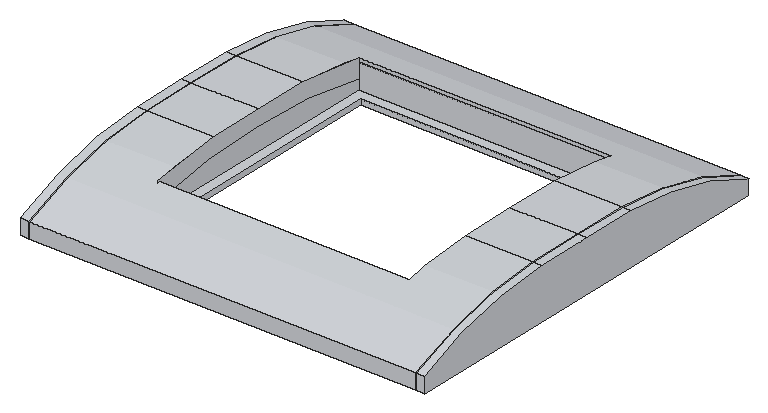
Revit family "Gira_0211763", category Electrical Fixtures, host Face, Revit 2017
Family settings
  Host = Face
  Maintain Annotation Orientation = No
  Round Connector Dimension = Use Diameter
  Part Type = Normal
  Cut with Voids When Loaded = No
  Shared = No
  Room Calculation Point = No
Parameters (values of type "Abdeckrahmen 1f Zwischenr. RW Gira Event Klar Braun")
  Werkstoffgüte = "Thermoplast"
  Werkstoff = "Kunststoff"
  URL = "http://katalog.gira.de/de_DE/datenblatt.html?artikelnr=0211763"
  Transparent = "No"
  Textfeld/Beschriftungsfläche = "No"
  Schutzart (IP) = "IP20"
  Region = "DE"
  Oberfläche = "sonstige"
  Name = "Abdeckrahmen 1f Zwischenr. RW Gira Event Klar Braun"
  Montagerichtung = "horizontal und vertikal"
  Mit Montagerahmen = "No"
  Mit Klappdeckel = "No"
  Manufacturer URL = "https://www.gira.de/"
  Keynote = "Event_Rahmen_1fach"
  HeinzeBIM = "https://bimportal.heinze.de/bim/abdeckrahmen-1f-zwischenr-rw-gira-event-klar-braun/031d05efc35f87a2f556ebff33add017f72beeb0"
  Halogenfrei = "Yes"
  HAN = "0211763"
  Geeignet für Unterputz-Installation = "Yes"
  Geeignet für Unterflurkanaldose = "No"
  Geeignet für Geräteeinbaukanal = "No"
  Geeignet für Einbauinstallation = "No"
  GTIN = "4010337069355"
  Farbe = "braun"
  Default Elevation = 1219.2 mm
  Data sheet (1) = "https://katalog.gira.de/de_DE/download.html?artikelnr=0211763"
  Category = "Abdeckrahmen"
  Befestigungsart = "sonstige"
  Available = "Yes"
  Ausführung der Oberfläche = "glänzend"
  Anzahl der Einheiten vertikal = "1 "
  Anzahl der Einheiten horizontal = "1 "
  Anzahl der Einheiten = "1 "
Reference planes
  plane 1 "Center (Front/Back)": y = 0
  plane 2: z = 0
  plane 3 "Center (Left/Right)": x = 0
Forms (mm)
  Extrusion 1, solid, detail levels fine
    sketch origin (0, 0, 1.55) x (0, 1, 0) y (0, 0, 1)
      loop
        arc (12.445, 9.683) -> (6.223, 9.833) -> (0, 9.85) r 291.636
        arc (0, 9.85) -> (-6.223, 9.833) -> (-12.445, 9.683) r 291.636
        arc (-12.445, 9.683) -> (-29.14, 7.482) -> (-45, 1.823) r 79.728
        line (-45, 1.823) -> (-45, -1.55) -> (-41.777, -1.55) -> (-41.777, -0.55)
        arc (-41.777, -0.55) -> (-21.205, 4.846) -> (0, 6.467) r 118.15
        arc (0, 6.467) -> (21.205, 4.846) -> (41.777, -0.55) r 118.15
        line (41.777, -0.55) -> (41.777, -1.55) -> (45, -1.55) -> (45, 1.823)
        arc (45, 1.823) -> (29.14, 7.482) -> (12.445, 9.683) r 79.728
    from -43 to 43
  Extrusion 2, void, detail levels fine
    sketch origin (0, 0, 0) x (1, 0, 0) y (0, 1, 0)
      loop
        line (-28, -28) -> (28, -28) -> (28, 28) -> (-28, 28) -> (-28, -28)
    from 2.85 to 12
  Extrusion 3, solid, detail levels coarse
    sketch origin (0, 0, 0) x (1, 0, 0) y (0, 1, 0)
      loop
        line (-45, 45) -> (-45, -45) -> (45, -45) -> (45, 45) -> (-45, 45)
    from 0 to 11.4
  Extrusion 4, solid, detail levels medium
    sketch origin (0, 0, 1.55) x (0, 1, 0) y (0, 0, 1)
      loop
        arc (12.445, 9.683) -> (6.223, 9.833) -> (0, 9.85) r 291.636
        arc (0, 9.85) -> (-6.223, 9.833) -> (-12.445, 9.683) r 291.636
        arc (-12.445, 9.683) -> (-29.14, 7.482) -> (-45, 1.823) r 79.728
        line (-45, 1.823) -> (-45, -1.55) -> (45, -1.55) -> (45, 1.823)
        arc (45, 1.823) -> (29.14, 7.482) -> (12.445, 9.683) r 79.728
    from -45 to 45
  Extrusion 5, solid, detail levels fine
    sketch origin (0, 0, 0) x (0, 1, 0) y (0, 0, 1)
      loop
        arc (45, 3.373) -> (29.14, 9.032) -> (12.445, 11.233) r 79.728
        arc (12.445, 11.233) -> (6.223, 11.383) -> (0, 11.4) r 291.636
        arc (0, 11.4) -> (-6.223, 11.383) -> (-12.445, 11.233) r 291.636
        arc (-12.445, 11.233) -> (-29.14, 9.032) -> (-45, 3.373) r 79.728
        line (-45, 3.373) -> (-45, 0) -> (45, 0) -> (45, 3.373)
    from 43 to 45
  Extrusion 6, solid, detail levels fine
    sketch origin (0, 0, 0) x (0, 1, 0) y (0, 0, -1)
      loop
        line (45, -3.373) -> (45, 0) -> (-45, 0) -> (-45, -3.373)
        arc (-45, -3.373) -> (-29.14, -9.032) -> (-12.445, -11.233) r 79.728
        arc (-12.445, -11.233) -> (-6.223, -11.383) -> (0, -11.4) r 291.636
        arc (0, -11.4) -> (6.223, -11.383) -> (12.445, -11.233) r 291.636
        arc (12.445, -11.233) -> (29.14, -9.032) -> (45, -3.373) r 79.728
    from 43 to 45
  Extrusion 7, solid, detail levels fine
    sketch origin (0, 0, 0) x (1, 0, 0) y (0, 1, 0)
      loop
        line (-25.7, 25.7) -> (-25.7, -25.7) -> (25.7, -25.7) -> (25.7, 25.7) -> (-25.7, 25.7)
      loop
        line (-29.495, 27.895) -> (-29.495, -27.895)
        spline (-29.495, -27.895) -> (-29.486, -28.025) -> (-29.461, -28.154) -> (-29.419, -28.278) -> (-29.361, -28.395) -> (-29.288, -28.504) -> (-29.202, -28.602) -> (-29.104, -28.688) -> (-28.995, -28.761) -> (-28.878, -28.819) -> (-28.754, -28.861) -> (-28.625, -28.886) -> (-28.495, -28.895)
        line (-28.495, -28.895) -> (28.495, -28.895)
        spline (28.495, -28.895) -> (28.625, -28.886) -> (28.754, -28.861) -> (28.878, -28.819) -> (28.995, -28.761) -> (29.104, -28.688) -> (29.202, -28.602) -> (29.288, -28.504) -> (29.361, -28.395) -> (29.419, -28.278) -> (29.461, -28.154) -> (29.486, -28.025) -> (29.495, -27.895)
        line (29.495, -27.895) -> (29.495, 27.895)
        spline (29.495, 27.895) -> (29.486, 28.025) -> (29.461, 28.154) -> (29.419, 28.278) -> (29.361, 28.395) -> (29.288, 28.504) -> (29.202, 28.602) -> (29.104, 28.688) -> (28.995, 28.761) -> (28.878, 28.819) -> (28.754, 28.861) -> (28.625, 28.886) -> (28.495, 28.895)
        line (28.495, 28.895) -> (-28.495, 28.895)
        spline (-28.495, 28.895) -> (-28.625, 28.886) -> (-28.754, 28.861) -> (-28.878, 28.819) -> (-28.995, 28.761) -> (-29.104, 28.688) -> (-29.202, 28.602) -> (-29.288, 28.504) -> (-29.361, 28.395) -> (-29.419, 28.278) -> (-29.461, 28.154) -> (-29.486, 28.025) -> (-29.495, 27.895)
    from 1.673 to 8.5
Cuts and joins
  Extrusion 2 cuts Extrusion 1
  Extrusion 2 cuts Extrusion 7
Dimensions and locks
  aligned and locked: plane 2 to host face
  aligned and locked: level to host face
